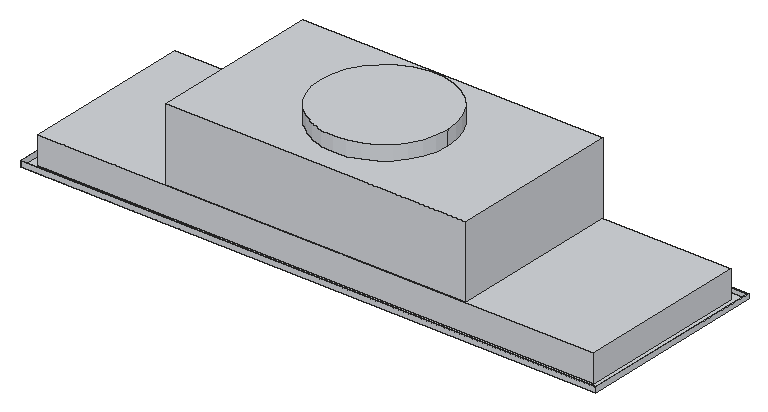
Revit family "MV-HEP", category Mechanical Equipment, Revit 2016
Family settings
  Part Type = Normal
  Round Connector Dimension = Use Radius
  OmniClass Number = 23.75.00.00
  OmniClass Title = Climate Control (HVAC)
  Work Plane-Based = No
  Always vertical = Yes
  Cut with Voids When Loaded = No
  Shared = No
  Room Calculation Point = No
Parameters (values of type "MV-HEP - 24x72, 16" Round Inlet")
  URL = "http://www.anemostat.com"
  Plenum Length = 37 5/16"
  Module Length = 72"
  Module Width = 24"
  Model = "MV-HEP"
  Manufacturer = "Anemostat"
  Inlet Size = Duct Size - 1/8"  # 15 7/8"
  Inlet Radius = Inlet Size / 2  # 7 15/16"
  Duct Size = 16"
  Duct Radius = Duct Size / 2  # 8"
  Diff Length = Module Length - 1/4"  # 71 3/4"
  Diff Width = Module Width - 1/4"  # 23 3/4"
Types (66): name | Plenum Length | Module Length | Module Width | Inlet Size | Inlet Radius | Duct Size | Duct Radius | Diff Length | Diff Width
  (no name) | 37 5/16" | 72" | 24" | 15 7/8" | 7 15/16" | 16" | 8" | 71 3/4" | 23 3/4"
  MV-HEP - 12x48, 06" Round Inlet | 45 5/16" | 48" | 12" | 5 7/8" | 2 15/16" | 6" | 3" | 47 3/4" | 11 3/4"
  MV-HEP - 12x48, 07" Round Inlet | 45 5/16" | 48" | 12" | 6 7/8" | 3 7/16" | 7" | 3 1/2" | 47 3/4" | 11 3/4"
  MV-HEP - 12x48, 08" Round Inlet | 45 5/16" | 48" | 12" | 7 7/8" | 3 15/16" | 8" | 4" | 47 3/4" | 11 3/4"
  MV-HEP - 12x48, 05" Round Inlet | 45 5/16" | 48" | 12" | 4 7/8" | 2 7/16" | 5" | 2 1/2" | 47 3/4" | 11 3/4"
  MV-HEP - 24x24, 05" Round Inlet | 21 5/16" | 24" | 24" | 4 7/8" | 2 7/16" | 5" | 2 1/2" | 23 3/4" | 23 3/4"
  MV-HEP - 24x24, 06" Round Inlet | 21 5/16" | 24" | 24" | 5 7/8" | 2 15/16" | 6" | 3" | 23 3/4" | 23 3/4"
  MV-HEP - 24x24, 07" Round Inlet | 21 5/16" | 24" | 24" | 6 7/8" | 3 7/16" | 7" | 3 1/2" | 23 3/4" | 23 3/4"
  MV-HEP - 24x24, 08" Round Inlet | 21 5/16" | 24" | 24" | 7 7/8" | 3 15/16" | 8" | 4" | 23 3/4" | 23 3/4"
  MV-HEP - 24x48, 05" Round Inlet | 37 5/16" | 48" | 24" | 4 7/8" | 2 7/16" | 5" | 2 1/2" | 47 3/4" | 23 3/4"
  MV-HEP - 24x48, 06" Round Inlet | 37 5/16" | 48" | 24" | 5 7/8" | 2 15/16" | 6" | 3" | 47 3/4" | 23 3/4"
  MV-HEP - 24x48, 07" Round Inlet | 37 5/16" | 48" | 24" | 6 7/8" | 3 7/16" | 7" | 3 1/2" | 47 3/4" | 23 3/4"
  MV-HEP - 24x48, 08" Round Inlet | 37 5/16" | 48" | 24" | 7 7/8" | 3 15/16" | 8" | 4" | 47 3/4" | 23 3/4"
  MV-HEP - 24x24, 09" Round Inlet | 21 5/16" | 24" | 24" | 8 7/8" | 4 7/16" | 9" | 4 1/2" | 23 3/4" | 23 3/4"
  MV-HEP - 24x24, 10" Round Inlet | 21 5/16" | 24" | 24" | 9 7/8" | 4 15/16" | 10" | 5" | 23 3/4" | 23 3/4"
  MV-HEP - 24x24, 12" Round Inlet | 21 5/16" | 24" | 24" | 11 7/8" | 5 15/16" | 12" | 6" | 23 3/4" | 23 3/4"
  MV-HEP - 24x24, 14" Round Inlet | 21 5/16" | 24" | 24" | 13 7/8" | 6 15/16" | 14" | 7" | 23 3/4" | 23 3/4"
  MV-HEP - 24x24, 16" Round Inlet | 21 5/16" | 24" | 24" | 15 7/8" | 7 15/16" | 16" | 8" | 23 3/4" | 23 3/4"
  MV-HEP - 24x36, 05" Round Inlet | 21 5/16" | 36" | 24" | 4 7/8" | 2 7/16" | 5" | 2 1/2" | 35 3/4" | 23 3/4"
  MV-HEP - 24x36, 06" Round Inlet | 21 5/16" | 36" | 24" | 5 7/8" | 2 15/16" | 6" | 3" | 35 3/4" | 23 3/4"
  MV-HEP - 24x36, 07" Round Inlet | 21 5/16" | 36" | 24" | 6 7/8" | 3 7/16" | 7" | 3 1/2" | 35 3/4" | 23 3/4"
  MV-HEP - 24x36, 08" Round Inlet | 21 5/16" | 36" | 24" | 7 7/8" | 3 15/16" | 8" | 4" | 35 3/4" | 23 3/4"
  MV-HEP - 24x36, 09" Round Inlet | 21 5/16" | 36" | 24" | 8 7/8" | 4 7/16" | 9" | 4 1/2" | 35 3/4" | 23 3/4"
  MV-HEP - 24x36, 10" Round Inlet | 21 5/16" | 36" | 24" | 9 7/8" | 4 15/16" | 10" | 5" | 35 3/4" | 23 3/4"
  MV-HEP - 24x36, 12" Round Inlet | 21 5/16" | 36" | 24" | 11 7/8" | 5 15/16" | 12" | 6" | 35 3/4" | 23 3/4"
  MV-HEP - 24x36, 14" Round Inlet | 21 5/16" | 36" | 24" | 13 7/8" | 6 15/16" | 14" | 7" | 35 3/4" | 23 3/4"
  MV-HEP - 24x36, 16" Round Inlet | 21 5/16" | 36" | 24" | 15 7/8" | 7 15/16" | 16" | 8" | 35 3/4" | 23 3/4"
  MV-HEP - 24x48, 09" Round Inlet | 37 5/16" | 48" | 24" | 8 7/8" | 4 7/16" | 9" | 4 1/2" | 47 3/4" | 23 3/4"
  MV-HEP - 24x48, 10" Round Inlet | 37 5/16" | 48" | 24" | 9 7/8" | 4 15/16" | 10" | 5" | 47 3/4" | 23 3/4"
  MV-HEP - 24x48, 12" Round Inlet | 37 5/16" | 48" | 24" | 11 7/8" | 5 15/16" | 12" | 6" | 47 3/4" | 23 3/4"
  MV-HEP - 24x48, 14" Round Inlet | 37 5/16" | 48" | 24" | 13 7/8" | 6 15/16" | 14" | 7" | 47 3/4" | 23 3/4"
  MV-HEP - 24x48, 16" Round Inlet | 37 5/16" | 48" | 24" | 15 7/8" | 7 15/16" | 16" | 8" | 47 3/4" | 23 3/4"
  MV-HEP - 12x24, 05" Round Inlet | 21 5/16" | 24" | 12" | 4 7/8" | 2 7/16" | 5" | 2 1/2" | 23 3/4" | 11 3/4"
  MV-HEP - 12x24, 06" Round Inlet | 21 5/16" | 24" | 12" | 5 7/8" | 2 15/16" | 6" | 3" | 23 3/4" | 11 3/4"
  MV-HEP - 12x24, 07" Round Inlet | 21 5/16" | 24" | 12" | 6 7/8" | 3 7/16" | 7" | 3 1/2" | 23 3/4" | 11 3/4"
  MV-HEP - 12x24, 08" Round Inlet | 21 5/16" | 24" | 12" | 7 7/8" | 3 15/16" | 8" | 4" | 23 3/4" | 11 3/4"
  MV-HEP - 12x36, 05" Round Inlet | 33 5/16" | 36" | 12" | 4 7/8" | 2 7/16" | 5" | 2 1/2" | 35 3/4" | 11 3/4"
  MV-HEP - 12x36, 06" Round Inlet | 33 5/16" | 36" | 12" | 5 7/8" | 2 15/16" | 6" | 3" | 35 3/4" | 11 3/4"
  MV-HEP - 12x36, 07" Round Inlet | 33 5/16" | 36" | 12" | 6 7/8" | 3 7/16" | 7" | 3 1/2" | 35 3/4" | 11 3/4"
  MV-HEP - 12x36, 08" Round Inlet | 33 5/16" | 36" | 12" | 7 7/8" | 3 15/16" | 8" | 4" | 35 3/4" | 11 3/4"
  MV-HEP - 12x60, 05" Round Inlet | 49 7/32" | 60" | 12" | 4 7/8" | 2 7/16" | 5" | 2 1/2" | 59 3/4" | 11 3/4"
  MV-HEP - 12x60, 06" Round Inlet | 49 7/32" | 60" | 12" | 5 7/8" | 2 15/16" | 6" | 3" | 59 3/4" | 11 3/4"
  MV-HEP - 12x60, 07" Round Inlet | 49 7/32" | 60" | 12" | 6 7/8" | 3 7/16" | 7" | 3 1/2" | 59 3/4" | 11 3/4"
  MV-HEP - 12x60, 08" Round Inlet | 49 7/32" | 60" | 12" | 7 7/8" | 3 15/16" | 8" | 4" | 59 3/4" | 11 3/4"
  MV-HEP - 12x72, 05" Round Inlet | 61 7/32" | 72" | 12" | 4 7/8" | 2 7/16" | 5" | 2 1/2" | 71 3/4" | 11 3/4"
  MV-HEP - 12x72, 06" Round Inlet | 61 7/32" | 72" | 12" | 5 7/8" | 2 15/16" | 6" | 3" | 71 3/4" | 11 3/4"
  MV-HEP - 12x72, 07" Round Inlet | 61 7/32" | 72" | 12" | 6 7/8" | 3 7/16" | 7" | 3 1/2" | 71 3/4" | 11 3/4"
  MV-HEP - 12x72, 08" Round Inlet | 61 7/32" | 72" | 12" | 7 7/8" | 3 15/16" | 8" | 4" | 71 3/4" | 11 3/4"
  MV-HEP - 24x60, 05" Round Inlet | 37 5/16" | 60" | 24" | 4 7/8" | 2 7/16" | 5" | 2 1/2" | 59 3/4" | 23 3/4"
  MV-HEP - 24x60, 06" Round Inlet | 37 5/16" | 60" | 24" | 5 7/8" | 2 15/16" | 6" | 3" | 59 3/4" | 23 3/4"
  MV-HEP - 24x60, 07" Round Inlet | 37 5/16" | 60" | 24" | 6 7/8" | 3 7/16" | 7" | 3 1/2" | 59 3/4" | 23 3/4"
  MV-HEP - 24x60, 08" Round Inlet | 37 5/16" | 60" | 24" | 7 7/8" | 3 15/16" | 8" | 4" | 59 3/4" | 23 3/4"
  MV-HEP - 24x60, 09" Round Inlet | 37 5/16" | 60" | 24" | 8 7/8" | 4 7/16" | 9" | 4 1/2" | 59 3/4" | 23 3/4"
  MV-HEP - 24x60, 10" Round Inlet | 37 5/16" | 60" | 24" | 9 7/8" | 4 15/16" | 10" | 5" | 59 3/4" | 23 3/4"
  MV-HEP - 24x60, 12" Round Inlet | 37 5/16" | 60" | 24" | 11 7/8" | 5 15/16" | 12" | 6" | 59 3/4" | 23 3/4"
  MV-HEP - 24x60, 14" Round Inlet | 37 5/16" | 60" | 24" | 13 7/8" | 6 15/16" | 14" | 7" | 59 3/4" | 23 3/4"
  MV-HEP - 24x60, 16" Round Inlet | 37 5/16" | 60" | 24" | 15 7/8" | 7 15/16" | 16" | 8" | 59 3/4" | 23 3/4"
  MV-HEP - 24x72, 05" Round Inlet | 37 5/16" | 72" | 24" | 4 7/8" | 2 7/16" | 5" | 2 1/2" | 71 3/4" | 23 3/4"
  MV-HEP - 24x72, 06" Round Inlet | 37 5/16" | 72" | 24" | 5 7/8" | 2 15/16" | 6" | 3" | 71 3/4" | 23 3/4"
  MV-HEP - 24x72, 07" Round Inlet | 37 5/16" | 72" | 24" | 6 7/8" | 3 7/16" | 7" | 3 1/2" | 71 3/4" | 23 3/4"
  MV-HEP - 24x72, 08" Round Inlet | 37 5/16" | 72" | 24" | 7 7/8" | 3 15/16" | 8" | 4" | 71 3/4" | 23 3/4"
  MV-HEP - 24x72, 09" Round Inlet | 37 5/16" | 72" | 24" | 8 7/8" | 4 7/16" | 9" | 4 1/2" | 71 3/4" | 23 3/4"
  MV-HEP - 24x72, 10" Round Inlet | 37 5/16" | 72" | 24" | 9 7/8" | 4 15/16" | 10" | 5" | 71 3/4" | 23 3/4"
  MV-HEP - 24x72, 12" Round Inlet | 37 5/16" | 72" | 24" | 11 7/8" | 5 15/16" | 12" | 6" | 71 3/4" | 23 3/4"
  MV-HEP - 24x72, 14" Round Inlet | 37 5/16" | 72" | 24" | 13 7/8" | 6 15/16" | 14" | 7" | 71 3/4" | 23 3/4"
  MV-HEP - 24x72, 16" Round Inlet | 37 5/16" | 72" | 24" | 15 7/8" | 7 15/16" | 16" | 8" | 71 3/4" | 23 3/4"
Reference planes (in)
  plane 1 "Center (Front/Back)": y = 0
  plane 2: z = 0
  plane 3 "Center (Left/Right)": x = 0
  plane 4: x = -35.875
  plane 5: x = 35.875
  plane 6 "Plenum Length Left": x = -18.65625
  plane 7 "Plenum Lenght Right": x = 18.65625
  plane 8: y = -11.875
  plane 9: y = 11.875
  plane 10 "Diff Front": y = -10.65625
  plane 11: y = 10.65625
  plane 12: x = -34.65625
  plane 13: x = 34.65625
  plane 14 "Diff Top": z = 3.5
  plane 15 "Top of Plenum": z = 12.5
  plane 16: z = 0.625
  plane 17: z = 4.0625
  plane 18: z = 12
Forms (in)
  Sweep 1, solid
    path origin (0, 0, 0) x (1, 0, 0) y (0, 1, 0)
      loop
        line (-34.65625, 10.65625) -> (-34.65625, -10.65625) -> (34.65625, -10.65625) -> (34.65625, 10.65625) -> (-34.65625, 10.65625)
    profile origin (0, 10.65625, 0) x (0, 1, 0) y (0, 0, 1)
      loop
        line (1.21875, 0.625) -> (1.18575, 0.625) -> (1.18575, 0.033) -> (0, 0.033) -> (0, 0) -> (1.21875, 0) -> (1.21875, 0.625)
  Extrusion 2, solid
    sketch origin (0, 0, 0) x (1, 0, 0) y (0, 1, 0)
      loop
        line (-34.65625, 10.65625) -> (-34.65625, -10.65625) -> (34.65625, -10.65625) -> (34.65625, 10.65625) -> (-34.65625, 10.65625)
    from 0 to 3.5
  Extrusion 3, solid
    sketch origin (0, 0, 3.5) x (-1, 0, 0) y (0, -1, 0)
      loop
        line (18.65625, -10.65625) -> (18.65625, 10.65625) -> (-18.65625, 10.65625) -> (-18.65625, -10.65625) -> (18.65625, -10.65625)
    from 0 to 9
  Extrusion 4, solid
    sketch origin (0, 0, 12.5) x (-1, 0, 0) y (0, -1, 0)
      loop
        circle (0, 0) r 7.9375
    from 0 to 1.8125
Lines and regions (in)
  reference lines
    curve 1: line (0, 11.842, 1.01883) -> (0, 11.842, -0.73117)
    curve 2: line (0, 11.99172, 0.033) -> (0, -0.50828, 0.033)
    curve 3: line (0, -0.033, 0.90425) -> (0, -0.033, -0.59575)
    curve 4: line (0, 10.91532, 0.592) -> (0, -0.22316, 0.592)
    curve 5: line (0, 10.62325, 3.67775) -> (0, 10.62325, -0.25744)
Dimensions and locks (in)
  "Diff Length": plane 5 to plane 4
  equal spacing: plane 5, plane 3 "Center (Left/Right)", plane 4
  "Diff Width": plane 8 to plane 9
  equal spacing: plane 8, plane 1 "Center (Front/Back)", plane 9
  locked: plane 8 to plane 10 "Diff Front" at 1.21875
  locked: plane 11 to plane 9 at 1.21875
  locked: plane 12 to plane 4 at 1.21875
  locked: plane 5 to plane 13 at 1.21875
  "Plenum Length": plane 6 "Plenum Length Left" to plane 7 "Plenum Lenght Right"
  equal spacing: plane 6 "Plenum Length Left", plane 3 "Center (Left/Right)", plane 7 "Plenum Lenght Right"
  locked: plane 15 "Top of Plenum" to plane 18 at 0.5
  "Inlet Radius": plane 18 to plane 17
  "Inlet Radius": radius of Extrusion 4 sketch curve
Automatic sketch dimensions
  level to curve 2 = 0.033"
  plane 1 "Center (Front/Back)" to curve 2 = 0.50828"
  curve 4 to plane 16 = 0.033"
  plane 1 "Center (Front/Back)" to curve 4 = 0.22316"
  plane 1 "Center (Front/Back)" to curve 3 = 0.033"
  curve 5 to plane 11 = 0.033"
  plane 11 to curve 4 = 0.25907"
  plane 9 to curve 1 = 0.033"
  curve 2 to plane 9 = 0.11672"
  curve 5 to level = 0.25744"
  curve 3 to level = 0.59575"
  curve 1 to level = 0.73117"
  plane 16 to curve 3 = 0.27925"
  plane 16 to curve 1 = 0.39383"
  plane 14 "Diff Top" to curve 5 = 0.17775"
  Sweep 1 sketch curve to plane 10 "Diff Front" = 0"
  Sweep 1 sketch curve to plane 12 = 0"
  Sweep 1 sketch curve to plane 13 = 0"
  Sweep 1 sketch curve to plane 11 = 0"
  Sweep 1 sketch curve to level = 0"
  Sweep 1 sketch curve to profile plane = 0"
  Sweep 1 sketch curve to profile plane = 1.18575"
  Sweep 1 sketch curve to Sweep 1 sketch curve = 0.033"
  level to Sweep 1 sketch curve = 0.033"
  Sweep 1 sketch curve to Sweep 1 sketch curve = 0.592"
  Extrusion 2 sketch curve to plane 10 "Diff Front" = 0"
  Extrusion 2 sketch curve to plane 12 = 0"
  Extrusion 2 sketch curve to plane 13 = 0"
  Extrusion 2 sketch curve to plane 11 = 0"
  Extrusion 3 sketch curve to plane 7 "Plenum Lenght Right" = 0"
  Extrusion 3 sketch curve to plane 6 "Plenum Length Left" = 0"
  Extrusion 3 sketch curve to plane 11 = 0"
  Extrusion 3 sketch curve to plane 10 "Diff Front" = 0"
  plane 1 "Center (Front/Back)" to Extrusion 4 sketch curve = 0"
  Extrusion 4 sketch curve to plane 3 "Center (Left/Right)" = 0"
Connectors (in)
  hvac at (0, 0, 14.3125), driven by "Duct Radius"
    settings: on Extrusion 4, index 1, duct flow 0 CFM, flow factor 0, pres drop 0.00 in-wg, loss coef 0, conn angle 0.00°, conn width 12", conn height 12", conn diameter 16", duct sys type 1, conn prof type 0, flow config 0, flow direction 0, loss method 0, conn ref index -1, conn util no, is conn primary yes, conn desc ""
